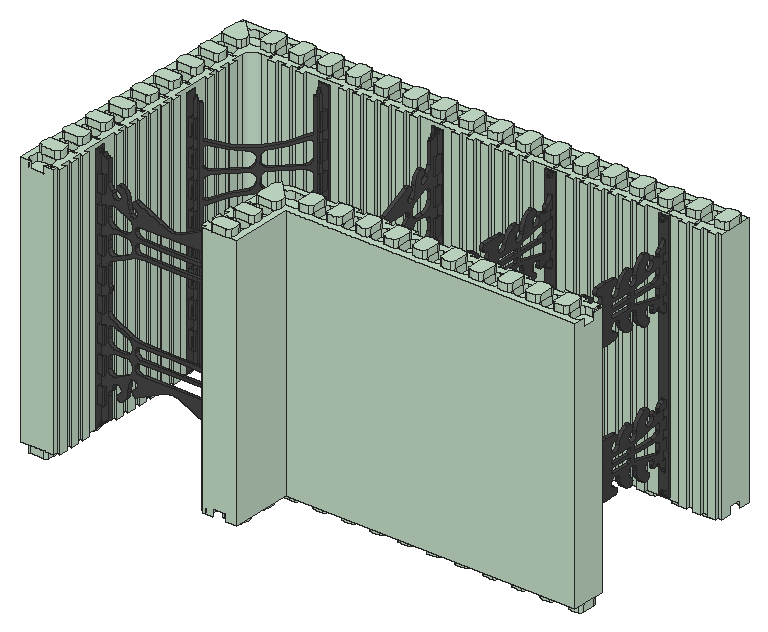
Revit family (continued)
Forms (mm)
  Extrusion 54, void
    sketch origin (304.632, 50.532, 0) x (-1, 0, 0) y (0, -1, 0)
      loop
        arc (-42.5, -94.024) -> (-43.786, -93.668) -> (-44.346, -92.457) r 1.588
        line (-44.346, -92.457) -> (-44.346, -86.829) -> (-48.685, -86.829) -> (-48.685, -95.62)
        arc (-48.685, -95.62) -> (-48.795, -96.199) -> (-49.108, -96.698) r 1.588
        arc (-49.108, -96.698) -> (-50.362, -98.696) -> (-50.8, -101.014) r 6.35
        line (-50.8, -101.014) -> (-50.8, -124.411)
        arc (-50.8, -124.411) -> (-49.585, -128.147) -> (-46.404, -130.453) r 6.35
    from 0 to 12.7
  Extrusion 55, void
    sketch origin (355.432, 50.532, 0) x (-1, 0, 0) y (0, -1, 0)
      loop
        arc (-46.404, -130.453) -> (-38.1, -131.762) -> (-29.796, -130.453) r 26.987
        arc (-29.796, -130.453) -> (-26.615, -128.147) -> (-25.4, -124.411) r 6.35
        line (-25.4, -124.411) -> (-25.4, -101.014)
        arc (-25.4, -101.014) -> (-26.615, -97.278) -> (-29.796, -94.972) r 6.35
        arc (-29.796, -94.972) -> (-36.091, -93.737) -> (-42.5, -94.024) r 26.987
        arc (-42.5, -94.024) -> (-43.786, -93.668) -> (-44.346, -92.457) r 1.588
        line (-44.346, -92.457) -> (-44.346, -86.829) -> (-48.685, -86.829) -> (-48.685, -95.62)
        arc (-48.685, -95.62) -> (-48.795, -96.199) -> (-49.108, -96.698) r 1.588
        arc (-49.108, -96.698) -> (-50.362, -98.696) -> (-50.8, -101.014) r 6.35
        line (-50.8, -101.014) -> (-50.8, -124.411)
        arc (-50.8, -124.411) -> (-49.585, -128.147) -> (-46.404, -130.453) r 6.35
    from 0 to 12.7
  Extrusion 56, void
    sketch origin (406.232, 50.532, 0) x (-1, 0, 0) y (0, -1, 0)
      loop
        arc (-46.404, -130.453) -> (-38.1, -131.762) -> (-29.796, -130.453) r 26.987
        arc (-29.796, -130.453) -> (-26.615, -128.147) -> (-25.4, -124.411) r 6.35
        line (-25.4, -124.411) -> (-25.4, -101.014)
        arc (-25.4, -101.014) -> (-26.615, -97.278) -> (-29.796, -94.972) r 6.35
        arc (-29.796, -94.972) -> (-36.091, -93.737) -> (-42.5, -94.024) r 26.987
        arc (-42.5, -94.024) -> (-43.786, -93.668) -> (-44.346, -92.457) r 1.588
        line (-44.346, -92.457) -> (-44.346, -86.829) -> (-48.685, -86.829) -> (-48.685, -95.62)
        arc (-48.685, -95.62) -> (-48.795, -96.199) -> (-49.108, -96.698) r 1.588
        arc (-49.108, -96.698) -> (-50.362, -98.696) -> (-50.8, -101.014) r 6.35
        line (-50.8, -101.014) -> (-50.8, -124.411)
        arc (-50.8, -124.411) -> (-49.585, -128.147) -> (-46.404, -130.453) r 6.35
    from 0 to 12.7
  Extrusion 57, void
    sketch origin (457.032, 50.532, 0) x (-1, 0, 0) y (0, -1, 0)
      loop
        arc (-46.404, -130.453) -> (-38.1, -131.762) -> (-29.796, -130.453) r 26.987
        arc (-29.796, -130.453) -> (-26.615, -128.147) -> (-25.4, -124.411) r 6.35
        line (-25.4, -124.411) -> (-25.4, -101.014)
        arc (-25.4, -101.014) -> (-26.615, -97.278) -> (-29.796, -94.972) r 6.35
        arc (-29.796, -94.972) -> (-36.091, -93.737) -> (-42.5, -94.024) r 26.987
        arc (-42.5, -94.024) -> (-43.786, -93.668) -> (-44.346, -92.457) r 1.588
        line (-44.346, -92.457) -> (-44.346, -86.829) -> (-48.685, -86.829) -> (-48.685, -95.62)
        arc (-48.685, -95.62) -> (-48.795, -96.199) -> (-49.108, -96.698) r 1.588
        arc (-49.108, -96.698) -> (-50.362, -98.696) -> (-50.8, -101.014) r 6.35
        line (-50.8, -101.014) -> (-50.8, -124.411)
        arc (-50.8, -124.411) -> (-49.585, -128.147) -> (-46.404, -130.453) r 6.35
    from 0 to 12.7
  Extrusion 58, void
    sketch origin (507.832, 50.532, 0) x (-1, 0, 0) y (0, -1, 0)
      loop
        arc (-46.404, -130.453) -> (-38.1, -131.762) -> (-29.796, -130.453) r 26.987
        arc (-29.796, -130.453) -> (-26.615, -128.147) -> (-25.4, -124.411) r 6.35
        line (-25.4, -124.411) -> (-25.4, -101.014)
        arc (-25.4, -101.014) -> (-26.615, -97.278) -> (-29.796, -94.972) r 6.35
        arc (-29.796, -94.972) -> (-36.091, -93.737) -> (-42.5, -94.024) r 26.987
        arc (-42.5, -94.024) -> (-43.786, -93.668) -> (-44.346, -92.457) r 1.588
        line (-44.346, -92.457) -> (-44.346, -86.829) -> (-48.685, -86.829) -> (-48.685, -95.62)
        arc (-48.685, -95.62) -> (-48.795, -96.199) -> (-49.108, -96.698) r 1.588
        arc (-49.108, -96.698) -> (-50.362, -98.696) -> (-50.8, -101.014) r 6.35
        line (-50.8, -101.014) -> (-50.8, -124.411)
        arc (-50.8, -124.411) -> (-49.585, -128.147) -> (-46.404, -130.453) r 6.35
    from 0 to 12.7
  Extrusion 59, void
    sketch origin (558.632, 50.532, 0) x (-1, 0, 0) y (0, -1, 0)
      loop
        arc (-46.404, -130.453) -> (-38.1, -131.762) -> (-29.796, -130.453) r 26.987
        arc (-29.796, -130.453) -> (-26.615, -128.147) -> (-25.4, -124.411) r 6.35
        line (-25.4, -124.411) -> (-25.4, -101.014)
        arc (-25.4, -101.014) -> (-26.615, -97.278) -> (-29.796, -94.972) r 6.35
        arc (-29.796, -94.972) -> (-36.091, -93.737) -> (-42.5, -94.024) r 26.987
        arc (-42.5, -94.024) -> (-43.786, -93.668) -> (-44.346, -92.457) r 1.588
        line (-44.346, -92.457) -> (-44.346, -86.829) -> (-48.685, -86.829) -> (-48.685, -95.62)
        arc (-48.685, -95.62) -> (-48.795, -96.199) -> (-49.108, -96.698) r 1.588
        arc (-49.108, -96.698) -> (-50.362, -98.696) -> (-50.8, -101.014) r 6.35
        line (-50.8, -101.014) -> (-50.8, -124.411)
        arc (-50.8, -124.411) -> (-49.585, -128.147) -> (-46.404, -130.453) r 6.35
    from 0 to 12.7
  Extrusion 60, void
    sketch origin (50.632, -508.268, 0) x (1, 0, 0) y (0, 1, 0)
      loop
        arc (101.014, 228.6) -> (97.278, 227.385) -> (94.972, 224.204) r 6.35
        arc (94.972, 224.204) -> (93.737, 217.909) -> (94.024, 211.5) r 26.987
        arc (94.024, 211.5) -> (93.668, 210.214) -> (92.457, 209.654) r 1.587
        line (92.457, 209.654) -> (86.829, 209.654) -> (86.829, 205.315) -> (95.62, 205.315)
        arc (95.62, 205.315) -> (96.199, 205.205) -> (96.698, 204.892) r 1.587
        arc (96.698, 204.892) -> (98.696, 203.638) -> (101.014, 203.2) r 6.35
        line (101.014, 203.2) -> (124.411, 203.2)
        arc (124.411, 203.2) -> (128.147, 204.415) -> (130.453, 207.596) r 6.35
        arc (130.453, 207.596) -> (131.763, 215.9) -> (130.453, 224.204) r 26.988
        arc (130.453, 224.204) -> (128.147, 227.385) -> (124.411, 228.6) r 6.35
        line (124.411, 228.6) -> (101.014, 228.6)
    from 0 to 12.7
  Extrusion 61, void
    sketch origin (50.632, -457.468, 0) x (1, 0, 0) y (0, 1, 0)
      loop
        arc (101.014, 228.6) -> (97.278, 227.385) -> (94.972, 224.204) r 6.35
        arc (94.972, 224.204) -> (93.737, 217.909) -> (94.024, 211.5) r 26.987
        arc (94.024, 211.5) -> (93.668, 210.214) -> (92.457, 209.654) r 1.587
        line (92.457, 209.654) -> (86.829, 209.654) -> (86.829, 205.315) -> (95.62, 205.315)
        arc (95.62, 205.315) -> (96.199, 205.205) -> (96.698, 204.892) r 1.587
        arc (96.698, 204.892) -> (98.696, 203.638) -> (101.014, 203.2) r 6.35
        line (101.014, 203.2) -> (124.411, 203.2)
        arc (124.411, 203.2) -> (128.147, 204.415) -> (130.453, 207.596) r 6.35
        arc (130.453, 207.596) -> (131.763, 215.9) -> (130.453, 224.204) r 26.988
        arc (130.453, 224.204) -> (128.147, 227.385) -> (124.411, 228.6) r 6.35
        line (124.411, 228.6) -> (101.014, 228.6)
    from 0 to 12.7
  Extrusion 62, void
    sketch origin (50.632, -51.068, 0) x (0, -1, 0) y (1, 0, 0)
      loop
        line (119.063, 93.663) -> (139.7, 93.663)
        arc (139.7, 93.663) -> (141.907, 93.753) -> (144.1, 94.024) r 26.987
        arc (144.1, 94.024) -> (145.386, 93.668) -> (145.946, 92.457) r 1.587
        line (145.946, 92.457) -> (145.946, 86.829) -> (150.285, 86.829) -> (150.285, 95.62)
        arc (150.285, 95.62) -> (150.395, 96.199) -> (150.708, 96.698) r 1.588
        arc (150.708, 96.698) -> (151.962, 98.696) -> (152.4, 101.014) r 6.35
        line (152.4, 101.014) -> (152.4, 124.411)
        arc (152.4, 124.411) -> (151.185, 128.147) -> (148.004, 130.453) r 6.35
        arc (148.004, 130.453) -> (143.903, 131.433) -> (139.7, 131.763) r 26.987
        line (139.7, 131.763) -> (131.763, 131.763) -> (101.102, 101.102)
        arc (101.102, 101.102) -> (109.342, 95.596) -> (119.063, 93.663) r 25.4
    from 0 to 12.7
  Extrusion 63, void
    sketch origin (406.232, -51.068, 0) x (-1, 0, 0) y (0, -1, 0)
      loop
        arc (177.8, 101.014) -> (179.015, 97.278) -> (182.196, 94.972) r 6.35
        arc (182.196, 94.972) -> (188.491, 93.737) -> (194.9, 94.024) r 26.988
        arc (194.9, 94.024) -> (196.186, 93.668) -> (196.746, 92.457) r 1.587
        line (196.746, 92.457) -> (196.746, 86.829) -> (201.085, 86.829) -> (201.085, 95.62)
        arc (201.085, 95.62) -> (201.195, 96.199) -> (201.508, 96.698) r 1.588
        arc (201.508, 96.698) -> (202.762, 98.696) -> (203.2, 101.014) r 6.35
        line (203.2, 101.014) -> (203.2, 124.411)
        arc (203.2, 124.411) -> (201.985, 128.147) -> (198.804, 130.453) r 6.35
        arc (198.804, 130.453) -> (190.5, 131.763) -> (182.196, 130.453) r 26.987
        arc (182.196, 130.453) -> (179.015, 128.147) -> (177.8, 124.411) r 6.35
        line (177.8, 124.411) -> (177.8, 101.014)
    from 0 to 12.7
  Extrusion 64, void
    sketch origin (457.032, -51.068, 0) x (-1, 0, 0) y (0, -1, 0)
      loop
        arc (177.8, 101.014) -> (179.015, 97.278) -> (182.196, 94.972) r 6.35
        arc (182.196, 94.972) -> (188.491, 93.737) -> (194.9, 94.024) r 26.988
        arc (194.9, 94.024) -> (196.186, 93.668) -> (196.746, 92.457) r 1.587
        line (196.746, 92.457) -> (196.746, 86.829) -> (201.085, 86.829) -> (201.085, 95.62)
        arc (201.085, 95.62) -> (201.195, 96.199) -> (201.508, 96.698) r 1.588
        arc (201.508, 96.698) -> (202.762, 98.696) -> (203.2, 101.014) r 6.35
        line (203.2, 101.014) -> (203.2, 124.411)
        arc (203.2, 124.411) -> (201.985, 128.147) -> (198.804, 130.453) r 6.35
        arc (198.804, 130.453) -> (190.5, 131.763) -> (182.196, 130.453) r 26.987
        arc (182.196, 130.453) -> (179.015, 128.147) -> (177.8, 124.411) r 6.35
        line (177.8, 124.411) -> (177.8, 101.014)
    from 0 to 12.7
  Extrusion 65, void
    sketch origin (507.832, -51.068, 0) x (-1, 0, 0) y (0, -1, 0)
      loop
        arc (177.8, 101.014) -> (179.015, 97.278) -> (182.196, 94.972) r 6.35
        arc (182.196, 94.972) -> (188.491, 93.737) -> (194.9, 94.024) r 26.988
        arc (194.9, 94.024) -> (196.186, 93.668) -> (196.746, 92.457) r 1.587
        line (196.746, 92.457) -> (196.746, 86.829) -> (201.085, 86.829) -> (201.085, 95.62)
        arc (201.085, 95.62) -> (201.195, 96.199) -> (201.508, 96.698) r 1.588
        arc (201.508, 96.698) -> (202.762, 98.696) -> (203.2, 101.014) r 6.35
        line (203.2, 101.014) -> (203.2, 124.411)
        arc (203.2, 124.411) -> (201.985, 128.147) -> (198.804, 130.453) r 6.35
        arc (198.804, 130.453) -> (190.5, 131.763) -> (182.196, 130.453) r 26.987
        arc (182.196, 130.453) -> (179.015, 128.147) -> (177.8, 124.411) r 6.35
        line (177.8, 124.411) -> (177.8, 101.014)
    from 0 to 12.7
  Extrusion 66, void
    sketch origin (558.632, -51.068, 0) x (-1, 0, 0) y (0, -1, 0)
      loop
        arc (177.8, 101.014) -> (179.015, 97.278) -> (182.196, 94.972) r 6.35
        arc (182.196, 94.972) -> (188.491, 93.737) -> (194.9, 94.024) r 26.988
        arc (194.9, 94.024) -> (196.186, 93.668) -> (196.746, 92.457) r 1.587
        line (196.746, 92.457) -> (196.746, 86.829) -> (201.085, 86.829) -> (201.085, 95.62)
        arc (201.085, 95.62) -> (201.195, 96.199) -> (201.508, 96.698) r 1.588
        arc (201.508, 96.698) -> (202.762, 98.696) -> (203.2, 101.014) r 6.35
        line (203.2, 101.014) -> (203.2, 124.411)
        arc (203.2, 124.411) -> (201.985, 128.147) -> (198.804, 130.453) r 6.35
        arc (198.804, 130.453) -> (190.5, 131.763) -> (182.196, 130.453) r 26.987
        arc (182.196, 130.453) -> (179.015, 128.147) -> (177.8, 124.411) r 6.35
        line (177.8, 124.411) -> (177.8, 101.014)
    from 0 to 12.7
  Extrusion 67, void
    sketch origin (609.432, -51.068, 0) x (-1, 0, 0) y (0, -1, 0)
      loop
        arc (177.8, 101.014) -> (179.015, 97.278) -> (182.196, 94.972) r 6.35
        arc (182.196, 94.972) -> (188.491, 93.737) -> (194.9, 94.024) r 26.988
        arc (194.9, 94.024) -> (196.186, 93.668) -> (196.746, 92.457) r 1.587
        line (196.746, 92.457) -> (196.746, 86.829) -> (201.085, 86.829) -> (201.085, 95.62)
        arc (201.085, 95.62) -> (201.195, 96.199) -> (201.508, 96.698) r 1.588
        arc (201.508, 96.698) -> (202.762, 98.696) -> (203.2, 101.014) r 6.35
        line (203.2, 101.014) -> (203.2, 124.411)
        arc (203.2, 124.411) -> (201.985, 128.147) -> (198.804, 130.453) r 6.35
        arc (198.804, 130.453) -> (190.5, 131.763) -> (182.196, 130.453) r 26.987
        arc (182.196, 130.453) -> (179.015, 128.147) -> (177.8, 124.411) r 6.35
        line (177.8, 124.411) -> (177.8, 101.014)
    from 0 to 12.7
  Extrusion 68, void
    sketch origin (660.232, -51.068, 0) x (-1, 0, 0) y (0, -1, 0)
      loop
        arc (177.8, 101.014) -> (179.015, 97.278) -> (182.196, 94.972) r 6.35
        arc (182.196, 94.972) -> (188.491, 93.737) -> (194.9, 94.024) r 26.988
        arc (194.9, 94.024) -> (196.186, 93.668) -> (196.746, 92.457) r 1.587
        line (196.746, 92.457) -> (196.746, 86.829) -> (201.085, 86.829) -> (201.085, 95.62)
        arc (201.085, 95.62) -> (201.195, 96.199) -> (201.508, 96.698) r 1.588
        arc (201.508, 96.698) -> (202.762, 98.696) -> (203.2, 101.014) r 6.35
        line (203.2, 101.014) -> (203.2, 124.411)
        arc (203.2, 124.411) -> (201.985, 128.147) -> (198.804, 130.453) r 6.35
        arc (198.804, 130.453) -> (190.5, 131.763) -> (182.196, 130.453) r 26.987
        arc (182.196, 130.453) -> (179.015, 128.147) -> (177.8, 124.411) r 6.35
        line (177.8, 124.411) -> (177.8, 101.014)
    from 0 to 12.7
  Extrusion 69, void
    sketch origin (711.032, -51.068, 0) x (-1, 0, 0) y (0, -1, 0)
      loop
        arc (177.8, 101.014) -> (179.015, 97.278) -> (182.196, 94.972) r 6.35
        arc (182.196, 94.972) -> (188.491, 93.737) -> (194.9, 94.024) r 26.988
        arc (194.9, 94.024) -> (196.186, 93.668) -> (196.746, 92.457) r 1.587
        line (196.746, 92.457) -> (196.746, 86.829) -> (201.085, 86.829) -> (201.085, 95.62)
        arc (201.085, 95.62) -> (201.195, 96.199) -> (201.508, 96.698) r 1.588
        arc (201.508, 96.698) -> (202.762, 98.696) -> (203.2, 101.014) r 6.35
        line (203.2, 101.014) -> (203.2, 124.411)
        arc (203.2, 124.411) -> (201.985, 128.147) -> (198.804, 130.453) r 6.35
        arc (198.804, 130.453) -> (190.5, 131.763) -> (182.196, 130.453) r 26.987
        arc (182.196, 130.453) -> (179.015, 128.147) -> (177.8, 124.411) r 6.35
        line (177.8, 124.411) -> (177.8, 101.014)
    from 0 to 12.7
  Extrusion 70, void
    sketch origin (761.832, -51.068, 0) x (-1, 0, 0) y (0, -1, 0)
      loop
        arc (177.8, 101.014) -> (179.015, 97.278) -> (182.196, 94.972) r 6.35
        arc (182.196, 94.972) -> (188.491, 93.737) -> (194.9, 94.024) r 26.988
        arc (194.9, 94.024) -> (196.186, 93.668) -> (196.746, 92.457) r 1.587
        line (196.746, 92.457) -> (196.746, 86.829) -> (201.085, 86.829) -> (201.085, 95.62)
        arc (201.085, 95.62) -> (201.195, 96.199) -> (201.508, 96.698) r 1.588
        arc (201.508, 96.698) -> (202.762, 98.696) -> (203.2, 101.014) r 6.35
        line (203.2, 101.014) -> (203.2, 124.411)
        arc (203.2, 124.411) -> (201.985, 128.147) -> (198.804, 130.453) r 6.35
        arc (198.804, 130.453) -> (190.5, 131.763) -> (182.196, 130.453) r 26.987
        arc (182.196, 130.453) -> (179.015, 128.147) -> (177.8, 124.411) r 6.35
        line (177.8, 124.411) -> (177.8, 101.014)
    from 0 to 12.7
  Extrusion 71, void
    sketch origin (812.632, -51.068, 0) x (-1, 0, 0) y (0, -1, 0)
      loop
        arc (177.8, 101.014) -> (179.015, 97.278) -> (182.196, 94.972) r 6.35
        arc (182.196, 94.972) -> (188.491, 93.737) -> (194.9, 94.024) r 26.988
        arc (194.9, 94.024) -> (196.186, 93.668) -> (196.746, 92.457) r 1.587
        line (196.746, 92.457) -> (196.746, 86.829) -> (201.085, 86.829) -> (201.085, 95.62)
        arc (201.085, 95.62) -> (201.195, 96.199) -> (201.508, 96.698) r 1.588
        arc (201.508, 96.698) -> (202.762, 98.696) -> (203.2, 101.014) r 6.35
        line (203.2, 101.014) -> (203.2, 124.411)
        arc (203.2, 124.411) -> (201.985, 128.147) -> (198.804, 130.453) r 6.35
        arc (198.804, 130.453) -> (190.5, 131.763) -> (182.196, 130.453) r 26.987
        arc (182.196, 130.453) -> (179.015, 128.147) -> (177.8, 124.411) r 6.35
        line (177.8, 124.411) -> (177.8, 101.014)
    from 0 to 12.7
  Extrusion 72, void
    sketch origin (863.432, -51.068, 0) x (-1, 0, 0) y (0, -1, 0)
      loop
        arc (177.8, 101.014) -> (179.015, 97.278) -> (182.196, 94.972) r 6.35
        arc (182.196, 94.972) -> (188.491, 93.737) -> (194.9, 94.024) r 26.988
        arc (194.9, 94.024) -> (196.186, 93.668) -> (196.746, 92.457) r 1.587
        line (196.746, 92.457) -> (196.746, 86.829) -> (201.085, 86.829) -> (201.085, 95.62)
        arc (201.085, 95.62) -> (201.195, 96.199) -> (201.508, 96.698) r 1.588
        arc (201.508, 96.698) -> (202.762, 98.696) -> (203.2, 101.014) r 6.35
        line (203.2, 101.014) -> (203.2, 124.411)
        arc (203.2, 124.411) -> (201.985, 128.147) -> (198.804, 130.453) r 6.35
        arc (198.804, 130.453) -> (190.5, 131.763) -> (182.196, 130.453) r 26.987
        arc (182.196, 130.453) -> (179.015, 128.147) -> (177.8, 124.411) r 6.35
        line (177.8, 124.411) -> (177.8, 101.014)
    from 0 to 12.7
  Extrusion 73, void
    sketch origin (-50.968, 50.532, 0) x (1, 0, 0) y (0, 1, 0)
      loop
        line (-93.662, 93.662) -> (-124.323, 124.323)
        arc (-124.323, 124.323) -> (-129.829, 116.083) -> (-131.762, 106.362) r 25.4
        line (-131.762, 106.362) -> (-131.762, 88.9)
        arc (-131.762, 88.9) -> (-131.433, 84.697) -> (-130.453, 80.596) r 26.988
        arc (-130.453, 80.596) -> (-128.147, 77.415) -> (-124.411, 76.2) r 6.35
        line (-124.411, 76.2) -> (-101.014, 76.2)
        arc (-101.014, 76.2) -> (-97.278, 77.415) -> (-94.972, 80.596) r 6.35
        arc (-94.972, 80.596) -> (-93.992, 84.697) -> (-93.662, 88.9) r 26.987
        line (-93.662, 88.9) -> (-93.662, 93.662)
    from 0 to 12.7
  Extrusion 74, solid, material "NUDURA Expanded Polystyrene Foam Insulation"
    sketch origin (50.632, -51.068, 0) x (1, 0, 0) y (0, 1, 0)
      loop
        line (131.763, -131.763) -> (139.7, -131.763)
        arc (139.7, -131.763) -> (143.903, -131.433) -> (148.004, -130.453) r 26.987
        arc (148.004, -130.453) -> (151.185, -128.147) -> (152.4, -124.411) r 6.35
        line (152.4, -124.411) -> (152.4, -101.014)
        arc (152.4, -101.014) -> (151.962, -98.696) -> (150.708, -96.698) r 6.35
        arc (150.708, -96.698) -> (149.467, -95.661) -> (148.004, -94.972) r 6.35
        arc (148.004, -94.972) -> (146.07, -94.425) -> (144.1, -94.024) r 26.987
        arc (144.1, -94.024) -> (141.907, -93.753) -> (139.7, -93.663) r 26.987
        line (139.7, -93.663) -> (119.063, -93.663)
        arc (119.063, -93.663) -> (109.342, -95.596) -> (101.102, -101.102) r 25.4
        line (101.102, -101.102) -> (131.763, -131.763)
    from 0 to -12.7
  Extrusion 75, solid, material "NUDURA Expanded Polystyrene Foam Insulation"
    sketch origin (-50.968, 50.532, 0) x (1, 0, 0) y (0, 1, 0)
      loop
        arc (-106.362, 131.762) -> (-116.083, 129.829) -> (-124.323, 124.323) r 25.4
        line (-124.323, 124.323) -> (-93.662, 93.662) -> (-88.9, 93.662)
        arc (-88.9, 93.662) -> (-84.697, 93.992) -> (-80.596, 94.972) r 26.988
        arc (-80.596, 94.972) -> (-77.415, 97.278) -> (-76.2, 101.014) r 6.35
        line (-76.2, 101.014) -> (-76.2, 124.411)
        arc (-76.2, 124.411) -> (-77.415, 128.147) -> (-80.596, 130.453) r 6.35
        arc (-80.596, 130.453) -> (-84.697, 131.433) -> (-88.9, 131.762) r 26.988
        line (-88.9, 131.762) -> (-106.362, 131.762)
    from 0 to -12.7
  Extrusion 76, void
    sketch origin (-50.968, -0.268, 0) x (1, 0, 0) y (0, 1, 0)
      loop
        arc (-130.453, -249.604) -> (-128.147, -252.785) -> (-124.411, -254) r 6.35
        line (-124.411, -254) -> (-101.014, -254)
        arc (-101.014, -254) -> (-98.696, -253.562) -> (-96.698, -252.308) r 6.35
        arc (-96.698, -252.308) -> (-96.199, -251.995) -> (-95.62, -251.885) r 1.588
        line (-95.62, -251.885) -> (-86.829, -251.885) -> (-86.829, -247.546) -> (-92.457, -247.546)
        arc (-92.457, -247.546) -> (-93.668, -246.986) -> (-94.024, -245.7) r 1.588
        arc (-94.024, -245.7) -> (-93.737, -239.291) -> (-94.972, -232.996) r 26.987
        arc (-94.972, -232.996) -> (-97.278, -229.815) -> (-101.014, -228.6) r 6.35
        line (-101.014, -228.6) -> (-124.411, -228.6)
        arc (-124.411, -228.6) -> (-128.147, -229.815) -> (-130.453, -232.996) r 6.35
        arc (-130.453, -232.996) -> (-131.762, -241.3) -> (-130.453, -249.604) r 26.987
    from 457.2 to 444.5
  Extrusion 77, void
    sketch origin (660.232, 50.532, 0) x (1, 0, 0) y (0, 1, 0)
      loop
        arc (-46.404, 130.453) -> (-49.585, 128.147) -> (-50.8, 124.411) r 6.35
        line (-50.8, 124.411) -> (-50.8, 101.014)
        arc (-50.8, 101.014) -> (-50.362, 98.696) -> (-49.108, 96.698) r 6.35
        arc (-49.108, 96.698) -> (-48.795, 96.199) -> (-48.685, 95.62) r 1.588
        line (-48.685, 95.62) -> (-48.685, 86.829) -> (-44.346, 86.829) -> (-44.346, 92.457)
        arc (-44.346, 92.457) -> (-43.786, 93.668) -> (-42.5, 94.024) r 1.588
        arc (-42.5, 94.024) -> (-36.091, 93.737) -> (-29.796, 94.972) r 26.987
        arc (-29.796, 94.972) -> (-26.615, 97.278) -> (-25.4, 101.014) r 6.35
        line (-25.4, 101.014) -> (-25.4, 124.411)
        arc (-25.4, 124.411) -> (-26.615, 128.147) -> (-29.796, 130.453) r 6.35
        arc (-29.796, 130.453) -> (-38.1, 131.762) -> (-46.404, 130.453) r 26.987
    from 457.2 to 444.5
  Extrusion 78, void
    sketch origin (609.432, 50.532, 0) x (-1, 0, 0) y (0, -1, 0)
      loop
        arc (-46.404, -130.453) -> (-38.1, -131.762) -> (-29.796, -130.453) r 26.987
        arc (-29.796, -130.453) -> (-26.615, -128.147) -> (-25.4, -124.411) r 6.35
        line (-25.4, -124.411) -> (-25.4, -101.014)
        arc (-25.4, -101.014) -> (-26.615, -97.278) -> (-29.796, -94.972) r 6.35
        arc (-29.796, -94.972) -> (-36.091, -93.737) -> (-42.5, -94.024) r 26.987
        arc (-42.5, -94.024) -> (-43.786, -93.668) -> (-44.346, -92.457) r 1.588
        line (-44.346, -92.457) -> (-44.346, -86.829) -> (-48.685, -86.829) -> (-48.685, -95.62)
        arc (-48.685, -95.62) -> (-48.795, -96.199) -> (-49.108, -96.698) r 1.588
        arc (-49.108, -96.698) -> (-50.362, -98.696) -> (-50.8, -101.014) r 6.35
        line (-50.8, -101.014) -> (-50.8, -124.411)
        arc (-50.8, -124.411) -> (-49.585, -128.147) -> (-46.404, -130.453) r 6.35
    from 0 to 12.7
  Extrusion 79, void
    sketch origin (-50.968, 86.293, 0) x (1, 0, 0) y (0, 1, 0)
      loop
        arc (-130.453, -294.157) -> (-131.762, -302.461) -> (-130.453, -310.765) r 26.987
        arc (-130.453, -310.765) -> (-128.147, -313.946) -> (-124.411, -315.161) r 6.35
        line (-124.411, -315.161) -> (-101.014, -315.161)
        arc (-101.014, -315.161) -> (-97.278, -313.946) -> (-94.972, -310.765) r 6.35
        arc (-94.972, -310.765) -> (-93.737, -304.47) -> (-94.024, -298.061) r 26.987
        arc (-94.024, -298.061) -> (-93.668, -296.775) -> (-92.457, -296.215) r 1.588
        line (-92.457, -296.215) -> (-86.829, -296.215) -> (-86.829, -291.875) -> (-95.62, -291.875)
        arc (-95.62, -291.875) -> (-96.199, -291.766) -> (-96.698, -291.453) r 1.588
        arc (-96.698, -291.453) -> (-98.696, -290.199) -> (-101.014, -289.761) r 6.35
        line (-101.014, -289.761) -> (-124.411, -289.761)
        arc (-124.411, -289.761) -> (-128.147, -290.976) -> (-130.453, -294.157) r 6.35
    from 0 to 12.7
  Extrusion 80, void
    sketch origin (-50.968, -51.068, 0) x (1, 0, 0) y (0, 1, 0)
      loop
        arc (-130.453, -249.604) -> (-128.147, -252.785) -> (-124.411, -254) r 6.35
        line (-124.411, -254) -> (-101.014, -254)
        arc (-101.014, -254) -> (-98.696, -253.562) -> (-96.698, -252.308) r 6.35
        arc (-96.698, -252.308) -> (-96.199, -251.995) -> (-95.62, -251.885) r 1.588
        line (-95.62, -251.885) -> (-86.829, -251.885) -> (-86.829, -247.546) -> (-92.457, -247.546)
        arc (-92.457, -247.546) -> (-93.668, -246.986) -> (-94.024, -245.7) r 1.588
        arc (-94.024, -245.7) -> (-93.737, -239.291) -> (-94.972, -232.996) r 26.987
        arc (-94.972, -232.996) -> (-97.278, -229.815) -> (-101.014, -228.6) r 6.35
        line (-101.014, -228.6) -> (-124.411, -228.6)
        arc (-124.411, -228.6) -> (-128.147, -229.815) -> (-130.453, -232.996) r 6.35
        arc (-130.453, -232.996) -> (-131.762, -241.3) -> (-130.453, -249.604) r 26.987
    from 457.2 to 444.5
  Extrusion 81, void
    sketch origin (-50.968, 35.493, 0) x (1, 0, 0) y (0, 1, 0)
      loop
        arc (-130.453, -294.157) -> (-131.762, -302.461) -> (-130.453, -310.765) r 26.987
        arc (-130.453, -310.765) -> (-128.147, -313.946) -> (-124.411, -315.161) r 6.35
        line (-124.411, -315.161) -> (-101.014, -315.161)
        arc (-101.014, -315.161) -> (-97.278, -313.946) -> (-94.972, -310.765) r 6.35
        arc (-94.972, -310.765) -> (-93.737, -304.47) -> (-94.024, -298.061) r 26.987
        arc (-94.024, -298.061) -> (-93.668, -296.775) -> (-92.457, -296.215) r 1.588
        line (-92.457, -296.215) -> (-86.829, -296.215) -> (-86.829, -291.875) -> (-95.62, -291.875)
        arc (-95.62, -291.875) -> (-96.199, -291.766) -> (-96.698, -291.453) r 1.588
        arc (-96.698, -291.453) -> (-98.696, -290.199) -> (-101.014, -289.761) r 6.35
        line (-101.014, -289.761) -> (-124.411, -289.761)
        arc (-124.411, -289.761) -> (-128.147, -290.976) -> (-130.453, -294.157) r 6.35
    from 0 to 12.7
  Extrusion 82, void
    sketch origin (711.032, 50.532, 0) x (1, 0, 0) y (0, 1, 0)
      loop
        arc (-46.404, 130.453) -> (-49.585, 128.147) -> (-50.8, 124.411) r 6.35
        line (-50.8, 124.411) -> (-50.8, 101.014)
        arc (-50.8, 101.014) -> (-50.362, 98.696) -> (-49.108, 96.698) r 6.35
        arc (-49.108, 96.698) -> (-48.795, 96.199) -> (-48.685, 95.62) r 1.588
        line (-48.685, 95.62) -> (-48.685, 86.829) -> (-44.346, 86.829) -> (-44.346, 92.457)
        arc (-44.346, 92.457) -> (-43.786, 93.668) -> (-42.5, 94.024) r 1.588
        arc (-42.5, 94.024) -> (-36.091, 93.737) -> (-29.796, 94.972) r 26.987
        arc (-29.796, 94.972) -> (-26.615, 97.278) -> (-25.4, 101.014) r 6.35
        line (-25.4, 101.014) -> (-25.4, 124.411)
        arc (-25.4, 124.411) -> (-26.615, 128.147) -> (-29.796, 130.453) r 6.35
        arc (-29.796, 130.453) -> (-38.1, 131.762) -> (-46.404, 130.453) r 26.987
    from 457.2 to 444.5
  Extrusion 83, void
    sketch origin (660.232, 50.532, 0) x (-1, 0, 0) y (0, -1, 0)
      loop
        arc (-46.404, -130.453) -> (-38.1, -131.762) -> (-29.796, -130.453) r 26.987
        arc (-29.796, -130.453) -> (-26.615, -128.147) -> (-25.4, -124.411) r 6.35
        line (-25.4, -124.411) -> (-25.4, -101.014)
        arc (-25.4, -101.014) -> (-26.615, -97.278) -> (-29.796, -94.972) r 6.35
        arc (-29.796, -94.972) -> (-36.091, -93.737) -> (-42.5, -94.024) r 26.987
        arc (-42.5, -94.024) -> (-43.786, -93.668) -> (-44.346, -92.457) r 1.588
        line (-44.346, -92.457) -> (-44.346, -86.829) -> (-48.685, -86.829) -> (-48.685, -95.62)
        arc (-48.685, -95.62) -> (-48.795, -96.199) -> (-49.108, -96.698) r 1.588
        arc (-49.108, -96.698) -> (-50.362, -98.696) -> (-50.8, -101.014) r 6.35
        line (-50.8, -101.014) -> (-50.8, -124.411)
        arc (-50.8, -124.411) -> (-49.585, -128.147) -> (-46.404, -130.453) r 6.35
    from 0 to 12.7
Cuts and joins
  Extrusion 4, Extrusion 5, Extrusion 6, Extrusion 7, Extrusion 8, Extrusion 9, Extrusion 10, Extrusion 11, Extrusion 12, Extrusion 13, Extrusion 14, Extrusion 15, Extrusion 16, Extrusion 17, Extrusion 18, Extrusion 19, Extrusion 20, Extrusion 21, Extrusion 22, Extrusion 23, Extrusion 24, Extrusion 25, Extrusion 26, Extrusion 27, Extrusion 28, Extrusion 29, Extrusion 30, Extrusion 31, Extrusion 32, Extrusion 33, Extrusion 34, Extrusion 35, Extrusion 36, Extrusion 37, Extrusion 38, Extrusion 39, Extrusion 40, Extrusion 41, Extrusion 42, Extrusion 43, Extrusion 44, Extrusion 45, Extrusion 46, Extrusion 47, Extrusion 48, Extrusion 49, Extrusion 50, Extrusion 51, Extrusion 52, Extrusion 53, Extrusion 54, Extrusion 55, Extrusion 56, Extrusion 57, Extrusion 58, Extrusion 59, Extrusion 60, Extrusion 61, Extrusion 62, Extrusion 63, Extrusion 64, Extrusion 65, Extrusion 66, Extrusion 67, Extrusion 68, Extrusion 69, Extrusion 70, Extrusion 71, Extrusion 72, Extrusion 73, Extrusion 76, Extrusion 77, Extrusion 78, Extrusion 79, Extrusion 80, Extrusion 81, Extrusion 82, Extrusion 83 cuts Extrusion 1
Lines and regions (mm)
  model lines
    curve 1: line (507.897, 193.407, 457.2) -> (507.897, 193.407, 0)
    curve 2: line (101.432, 193.407, 457.2) -> (101.432, 193.407, 0)
    curve 3: line (-193.843, 101.332, 457.2) -> (-193.843, 101.332, 0)
    curve 4: line (-152.568, 193.407, 0) -> (-152.568, 193.407, 457.2)
    curve 5: line (-193.843, 152.132, 457.2) -> (-193.843, 152.132, 0)
Dimensions and locks
  aligned and locked: level to plane 2
  aligned and locked: nested 81 to nested 75
Nested families
  nested 1: "Interlock Tooth" at (-50.968, -152.668, 0) x (0, -1, 0) z (0, 0, 1), type "Interlock Tooth"
  nested 2: "Interlock Tooth" at (-50.968, -101.868, 0) x (0, -1, 0) z (0, 0, 1), type "Interlock Tooth"
  nested 3: "Interlock Tooth" at (-50.968, -51.068, 0) x (0, -1, 0) z (0, 0, 1), type "Interlock Tooth"
  nested 4: "Interlock Tooth" at (-50.968, -0.268, 0) x (0, -1, 0) z (0, 0, 1), type "Interlock Tooth"
  nested 5: "Interlock Tooth" at (-50.968, 50.532, 0) x (0, -1, 0) z (0, 0, 1), type "Interlock Tooth"
  nested 6: "Interlock Tooth" at (-50.968, 101.332, 0) x (0, -1, 0) z (0, 0, 1), type "Interlock Tooth"
  nested 7: "Interlock Tooth" at (50.632, -279.668, 0) x (0, -1, 0) z (0, 0, 1), type "Interlock Tooth"
  nested 8: "Interlock Tooth" at (50.632, -228.868, 0) x (0, -1, 0) z (0, 0, 1), type "Interlock Tooth"
  nested 9: "Interlock Tooth" at (50.632, -254.268, -469.9) x (0, -1, 0) z (0, 0, 1), type "Interlock Tooth"
  nested 10: "Interlock Tooth" at (50.632, -203.468, -469.9) x (0, -1, 0) z (0, 0, 1), type "Interlock Tooth"
  nested 11: "Interlock Tooth" at (-276.393, -178.068, -469.9) x (0, -1, 0) z (0, 0, 1), type "Interlock Tooth"
  nested 12: "Interlock Tooth" at (-276.393, -127.268, -469.9) x (0, -1, 0) z (0, 0, 1), type "Interlock Tooth"
  nested 13: "Interlock Tooth" at (-276.393, -76.468, -469.9) x (0, -1, 0) z (0, 0, 1), type "Interlock Tooth"
  nested 14: "Interlock Tooth" at (-276.393, -25.668, -469.9) x (0, -1, 0) z (0, 0, 1), type "Interlock Tooth"
  nested 15: "Interlock Tooth" at (-276.393, 25.132, -469.9) x (0, -1, 0) z (0, 0, 1), type "Interlock Tooth"
  nested 16: "Interlock Tooth" at (-276.393, 75.932, -469.9) x (0, -1, 0) z (0, 0, 1), type "Interlock Tooth"
  nested 17: "Interlock Tooth" at (-276.393, 126.732, -469.9) x (0, -1, 0) z (0, 0, 1), type "Interlock Tooth"
  nested 18: "Interlock Tooth" at (203.032, -51.068, 0), type "Interlock Tooth"
  nested 19: "Interlock Tooth" at (253.832, -51.068, 0), type "Interlock Tooth"
  nested 20: "Interlock Tooth" at (304.632, -51.068, 0), type "Interlock Tooth"
  nested 21: "Interlock Tooth" at (355.432, -51.068, 0), type "Interlock Tooth"
  nested 22: "Interlock Tooth" at (406.232, -51.068, 0), type "Interlock Tooth"
  nested 23: "Interlock Tooth" at (457.032, -51.068, 0), type "Interlock Tooth"
  nested 24: "Interlock Tooth" at (507.832, -51.068, 0), type "Interlock Tooth"
  nested 25: "Interlock Tooth" at (558.632, -51.068, 0), type "Interlock Tooth"
  nested 26: "Interlock Tooth" at (609.432, -51.068, 0), type "Interlock Tooth"
  nested 27: "Interlock Tooth" at (660.232, -51.068, 0), type "Interlock Tooth"
  nested 28: "Interlock Tooth" at (-127.168, 50.532, 0), type "Interlock Tooth"
  nested 29: "Interlock Tooth" at (-76.368, 50.532, 0), type "Interlock Tooth"
  nested 30: "Interlock Tooth" at (-25.568, 50.532, 0), type "Interlock Tooth"
  nested 31: "Interlock Tooth" at (25.232, 50.532, 0), type "Interlock Tooth"
  nested 32: "Interlock Tooth" at (76.032, 50.532, 0), type "Interlock Tooth"
  nested 33: "Interlock Tooth" at (126.832, 50.532, 0), type "Interlock Tooth"
  nested 34: "Interlock Tooth" at (177.632, 50.532, 0), type "Interlock Tooth"
  nested 35: "Interlock Tooth" at (228.432, 50.532, 0), type "Interlock Tooth"
  nested 36: "Interlock Tooth" at (279.232, 50.532, 0), type "Interlock Tooth"
  nested 37: "Interlock Tooth" at (330.032, 50.532, 0), type "Interlock Tooth"
  nested 38: "Interlock Tooth" at (380.832, 50.532, 0), type "Interlock Tooth"
  nested 39: "Interlock Tooth" at (431.632, 50.532, 0), type "Interlock Tooth"
  nested 40: "Interlock Tooth" at (482.432, 50.532, 0), type "Interlock Tooth"
  nested 41: "Interlock Tooth" at (533.232, 50.532, 0), type "Interlock Tooth"
  nested 42: "Interlock Tooth" at (584.032, 50.532, 0), type "Interlock Tooth"
  nested 43: "Interlock Tooth" at (228.432, -276.493, -469.9), type "Interlock Tooth"
  nested 44: "Interlock Tooth" at (279.232, -276.493, -469.9), type "Interlock Tooth"
  nested 45: "Interlock Tooth" at (330.032, -276.493, -469.9), type "Interlock Tooth"
  nested 46: "Interlock Tooth" at (380.832, -276.493, -469.9), type "Interlock Tooth"
  nested 47: "Interlock Tooth" at (431.632, -276.493, -469.9), type "Interlock Tooth"
  nested 48: "Interlock Tooth" at (482.432, -276.493, -469.9), type "Interlock Tooth"
  nested 49: "Interlock Tooth" at (533.232, -276.493, -469.9), type "Interlock Tooth"
  nested 50: "Interlock Tooth" at (584.032, -276.493, -469.9), type "Interlock Tooth"
  nested 51: "Interlock Tooth" at (634.832, -276.493, -469.9), type "Interlock Tooth"
  nested 52: "Interlock Tooth" at (685.632, -276.493, -469.9), type "Interlock Tooth"
  nested 53: "Interlock Tooth" at (-101.768, 50.532, -469.9), type "Interlock Tooth"
  nested 54: "Interlock Tooth" at (-50.968, 50.532, -469.9), type "Interlock Tooth"
  nested 55: "Interlock Tooth" at (-0.168, 50.532, -469.9), type "Interlock Tooth"
  nested 56: "Interlock Tooth" at (50.632, 50.532, -469.9), type "Interlock Tooth"
  nested 57: "Interlock Tooth" at (101.432, 50.532, -469.9), type "Interlock Tooth"
  nested 58: "Interlock Tooth" at (152.232, 50.532, -469.9), type "Interlock Tooth"
  nested 59: "Interlock Tooth" at (203.032, 50.532, -469.9), type "Interlock Tooth"
  nested 60: "Interlock Tooth" at (253.832, 50.532, -469.9), type "Interlock Tooth"
  nested 61: "Interlock Tooth" at (304.632, 50.532, -469.9), type "Interlock Tooth"
  nested 62: "Interlock Tooth" at (355.432, 50.532, -469.9), type "Interlock Tooth"
  nested 63: "Interlock Tooth" at (406.232, 50.532, -469.9), type "Interlock Tooth"
  nested 64: "Interlock Tooth" at (457.032, 50.532, -469.9), type "Interlock Tooth"
  nested 65: "Interlock Tooth" at (507.832, 50.532, -469.9), type "Interlock Tooth"
  nested 66: "Interlock Tooth" at (558.632, 50.532, -469.9), type "Interlock Tooth"
  nested 67: "NUDURA Diamond Pattern" at (507.832, -51.068, 0), type "NUDURA Diamond Pattern"
  nested 68: "NUDURA Diamond Pattern" at (507.832, 336.282, 0), type "NUDURA Diamond Pattern"
  nested 69: "NUDURA Diamond Pattern" at (101.432, 336.282, 0), type "NUDURA Diamond Pattern"
  nested 70: "Capture Lug" at (-0.168, 50.532, 0) x (-1, 0, 0) z (0, 0, 1), type "Capture Lugs"
  nested 71: "Capture Lug" at (-50.968, -0.268, 0) x (0, -1, 0) z (0, 0, 1), type "Capture Lugs"
  nested 72: "NUDURA Diamond Pattern Missing Two lines" at (50.632, -305.068, 0) x (0, 1, 0) z (0, 0, 1), type "NUDURA Diamond Pattern minus Two lines"
  nested 73: "NUDURA Diamond Pattern Missing Left Line" at (101.432, -51.068, 0), type "NUDURA Diamond Pattern missing left line"
  nested 74: "NUDURA Logo Diamond" at (101.497, -193.943, 0), type "NUDURA Logo Diamond"
  nested 75: "NUDURA Logo Diamond" at (-193.843, 101.267, 0) x (0, -1, 0) z (0, 0, 1), type "NUDURA Logo Diamond"
  nested 76: "NUDURA Logo Diamond" at (711.032, 193.407, 0) x (-1, 0, 0) z (0, 0, 1), type "NUDURA Logo Diamond"
  nested 77: "Interlock Tooth" at (-50.968, -203.468, 0) x (0, -1, 0) z (0, 0, 1), type "Interlock Tooth"
  nested 78: "Interlock Tooth" at (634.832, 50.532, 0), type "Interlock Tooth"
  nested 79: "Interlock Tooth" at (609.432, 50.532, -469.9), type "Interlock Tooth"
  nested 80: "Interlock Tooth" at (-276.393, -228.868, -469.9) x (0, -1, 0) z (0, 0, 1), type "Interlock Tooth"
  nested 81: "NUDURA Diamond Pattern" at (-50.968, 101.332, 0) x (0, -1, 0) z (0, 0, 1), type "NUDURA Diamond Pattern"
  nested 82: "NUDURA Logo Diamond" at (304.567, 193.407, 0) x (-1, 0, 0) z (0, 0, 1), type "NUDURA Logo Diamond"
  nested 83: "Interlock Tooth" at (-50.968, -254.268, 0) x (0, -1, 0) z (0, 0, 1), type "Interlock Tooth"
  nested 84: "Interlock Tooth" at (-276.393, -279.668, -469.9) x (0, -1, 0) z (0, 0, 1), type "Interlock Tooth"
  nested 85: "Interlock Tooth" at (685.632, 50.532, 0), type "Interlock Tooth"
  nested 86: "Interlock Tooth" at (660.232, 50.532, -469.9), type "Interlock Tooth"
  nested 87: "10-inch Insert Web" at (-0.168, -203.468, 0) x (0, 1, 0) z (0, 0, 1), type "10-inch Insert Web"
  nested 88: "10-inch Insert Web" at (203.032, -0.268, 0) x (-1, 0, 0) z (0, 0, 1), type "10-inch Insert Web"
  nested 89: "10-inch Web" at (609.432, -0.268, 0), type "10-inch Web"
  nested 90: "10-inch Web" at (406.232, -0.268, 0), type "10-inch Web"
  nested 91: "NUDURA 10-inch Corner Insert Web" at (-57.617, 56.875, 11.778) x (-0.7071, 0.7071, 0) z (0, 0, 1), type "NUDURA 10-inch Corner Insert Web"
Definition of nested family "Interlock Tooth"
  Reference planes
    plane 1 "Center (Front/Back)": y = 0
    plane 2: z = 0
    plane 3 "Center (Left/Right)": x = 0
    plane 4: z = 457.2
    plane 5: z = 469.9
    plane 6: z = -12.7
  Forms (mm)
    Extrusion 1, solid, material "NUDURA Expanded Polystyrene Foam Insulation"
      sketch origin (0, -225.425, 0) x (1, 0, 0) y (0, 1, 0)
        loop
          arc (0, 101.014) -> (1.215, 97.278) -> (4.396, 94.972) r 6.35
          arc (4.396, 94.972) -> (12.7, 93.663) -> (21.004, 94.972) r 26.988
          arc (21.004, 94.972) -> (24.185, 97.278) -> (25.4, 101.014) r 6.35
          line (25.4, 101.014) -> (25.4, 124.411)
          arc (25.4, 124.411) -> (24.185, 128.147) -> (21.004, 130.453) r 6.35
          arc (21.004, 130.453) -> (12.7, 131.763) -> (4.396, 130.453) r 26.987
          arc (4.396, 130.453) -> (1.215, 128.147) -> (0, 124.411) r 6.35
          line (0, 124.411) -> (0, 101.014)
      from 457.2 to 469.9
  Dimensions and locks
    locked: plane 4 to level at 457.2
    locked: plane 4 to plane 5 at 12.7
    locked: plane 6 to level at 12.7
Definition of nested family "Capture Lug"
  Reference planes
    plane 1 "Center (Front/Back)": y = 0
    plane 2: z = 0
    plane 3 "Center (Left/Right)": x = 0
  Forms (mm)
    Extrusion 1, solid, material "High Density Polystyrene"
      sketch origin (0, 0, 0) x (0, 1, 0) y (0, 0, 1)
        loop
          arc (-82.55, 0) -> (-81.817, 0.502) -> (-81.534, 1.344) r 1.397
          line (-81.534, 1.344) -> (-81.534, 449.4)
          arc (-81.534, 449.4) -> (-81.817, 450.243) -> (-82.55, 450.744) r 1.397
          line (-82.55, 450.744) -> (-82.55, 0)
      from 9.227 to -9.227
    Extrusion 2, solid, material "High Density Polystyrene"
      sketch origin (0, 0, 0) x (0, 1, 0) y (0, 0, 1)
        loop
          line (-81.534, 410.919) -> (-81.534, 380.439) -> (-68.834, 380.439) -> (-68.834, 410.919) -> (-81.534, 410.919)
        loop
          line (-81.534, 361.389) -> (-81.534, 330.909) -> (-68.834, 330.909) -> (-68.834, 361.389) -> (-81.534, 361.389)
        loop
          line (-81.534, 311.859) -> (-81.534, 281.379) -> (-68.834, 281.379) -> (-68.834, 311.859) -> (-81.534, 311.859)
        loop
          line (-81.534, 262.329) -> (-81.534, 234.897) -> (-68.834, 234.897) -> (-68.834, 262.329) -> (-81.534, 262.329)
        loop
          line (-81.534, 215.847) -> (-81.534, 188.415) -> (-68.834, 188.415) -> (-68.834, 215.847) -> (-81.534, 215.847)
        loop
          line (-81.534, 169.365) -> (-81.534, 138.885) -> (-68.834, 138.885) -> (-68.834, 169.365) -> (-81.534, 169.365)
        loop
          line (-81.534, 119.835) -> (-81.534, 89.355) -> (-68.834, 89.355) -> (-68.834, 119.835) -> (-81.534, 119.835)
        loop
          line (-81.534, 70.305) -> (-81.534, 39.825) -> (-68.834, 39.825) -> (-68.834, 70.305) -> (-81.534, 70.305)
      from 6.35 to -6.35
    Extrusion 3, void
      sketch origin (0, 0, 0) x (1, 0, 0) y (0, 1, 0)
        loop
          arc (-6.35, -70.929) -> (-5.736, -69.448) -> (-4.255, -68.834) r 2.095
          line (-4.255, -68.834) -> (-6.35, -68.834) -> (-6.35, -70.929)
      from 0 to 457.2
    Extrusion 4, void
      sketch origin (0, 0, 0) x (-1, 0, 0) y (0, -1, 0)
        loop
          line (-6.35, 70.929) -> (-6.35, 68.834) -> (-4.255, 68.834)
          arc (-4.255, 68.834) -> (-5.736, 69.448) -> (-6.35, 70.929) r 2.095
      from 0 to 457.2
    Extrusion 5, void
      sketch origin (0, 0, 0) x (1, 0, 0) y (0, 1, 0)
        loop
          arc (-1.191, -72.009) -> (0, -78.127) -> (1.191, -72.009) r 3.175
          line (1.191, -72.009) -> (1.191, -68.834) -> (-1.191, -68.834) -> (-1.191, -72.009)
      from 0 to 457.2
  Cuts and joins
    Extrusion 3, Extrusion 4 cuts Extrusion 1
    Extrusion 3, Extrusion 4, Extrusion 5 cuts Extrusion 2
Definition of nested family "10-inch Insert Web"
  Reference planes
    plane 1 "Center (Front/Back)": y = 0
    plane 2: z = 0
    plane 3 "Center (Left/Right)": x = 0
  Forms (mm)
    Extrusion 1, solid, material "High Density Polystyrene"
      sketch origin (0, 0, 0) x (0, 1, 0) y (0, 0, 1)
        loop
          line (133.35, 0) -> (133.35, 450.744)
          arc (133.35, 450.744) -> (132.617, 450.243) -> (132.334, 449.4) r 1.397
          line (132.334, 449.4) -> (132.334, 1.344)
          arc (132.334, 1.344) -> (132.617, 0.502) -> (133.35, 0) r 1.397
        loop
          arc (-133.35, 0) -> (-132.617, 0.502) -> (-132.334, 1.344) r 1.397
          line (-132.334, 1.344) -> (-132.334, 449.4)
          arc (-132.334, 449.4) -> (-132.617, 450.243) -> (-133.35, 450.744) r 1.397
          line (-133.35, 450.744) -> (-133.35, 0)
      from 9.227 to -9.227
    Extrusion 2, solid, material "High Density Polystyrene"
      sketch origin (0, 0, 0) x (0, 1, 0) y (0, 0, 1)
        loop
          arc (131.798, 442.16) -> (132.175, 442.021) -> (132.334, 441.652) r 0.508
          line (132.334, 441.652) -> (132.334, 447.972)
          arc (132.334, 447.972) -> (132.229, 447.585) -> (131.942, 447.306) r 0.762
          line (131.942, 447.306) -> (130.186, 446.33)
          arc (130.186, 446.33) -> (129.899, 446.05) -> (129.794, 445.664) r 0.762
          line (129.794, 445.664) -> (129.794, 442.585)
          arc (129.794, 442.585) -> (129.953, 442.216) -> (130.33, 442.078) r 0.508
          line (130.33, 442.078) -> (131.798, 442.16)
        loop
          line (-130.186, 446.33) -> (-131.942, 447.306)
          arc (-131.942, 447.306) -> (-132.229, 447.585) -> (-132.334, 447.972) r 0.762
          line (-132.334, 447.972) -> (-132.334, 441.652)
          arc (-132.334, 441.652) -> (-132.175, 442.021) -> (-131.798, 442.16) r 0.508
          line (-131.798, 442.16) -> (-130.33, 442.078)
          arc (-130.33, 442.078) -> (-129.953, 442.216) -> (-129.794, 442.585) r 0.508
          line (-129.794, 442.585) -> (-129.794, 445.664)
          arc (-129.794, 445.664) -> (-129.899, 446.05) -> (-130.186, 446.33) r 0.762
        loop
          line (131.798, 8.585) -> (130.33, 8.666)
          arc (130.33, 8.666) -> (129.953, 8.528) -> (129.794, 8.159) r 0.508
          line (129.794, 8.159) -> (129.794, 5.08)
          arc (129.794, 5.08) -> (129.899, 4.694) -> (130.186, 4.414) r 0.762
          line (130.186, 4.414) -> (131.942, 3.439)
          arc (131.942, 3.439) -> (132.229, 3.159) -> (132.334, 2.772) r 0.762
          line (132.334, 2.772) -> (132.334, 9.092)
          arc (132.334, 9.092) -> (132.175, 8.723) -> (131.798, 8.585) r 0.508
        loop
          arc (-130.186, 4.414) -> (-129.899, 4.694) -> (-129.794, 5.08) r 0.762
          line (-129.794, 5.08) -> (-129.794, 8.159)
          arc (-129.794, 8.159) -> (-129.953, 8.528) -> (-130.33, 8.666) r 0.508
          line (-130.33, 8.666) -> (-131.798, 8.585)
          arc (-131.798, 8.585) -> (-132.175, 8.723) -> (-132.334, 9.092) r 0.508
          line (-132.334, 9.092) -> (-132.334, 2.772)
          arc (-132.334, 2.772) -> (-132.229, 3.159) -> (-131.942, 3.439) r 0.762
          line (-131.942, 3.439) -> (-130.186, 4.414)
        loop
          line (127, 437.076) -> (125.095, 442.918)
          arc (125.095, 442.918) -> (123.825, 443.68) -> (122.555, 442.918) r 1.439
          line (122.555, 442.918) -> (121.313, 439.108) -> (118.083, 439.108)
          arc (118.083, 439.108) -> (117.204, 438.744) -> (116.84, 437.865) r 1.243
          line (116.84, 437.865) -> (116.84, 437.076) -> (114.3, 437.076) -> (114.3, 400.201)
          arc (114.3, 400.201) -> (112.544, 393.421) -> (107.718, 388.345) r 13.97
          arc (107.718, 388.345) -> (106.485, 386.915) -> (106.281, 385.039) r 3.175
          arc (106.281, 385.039) -> (94.976, 376.743) -> (95.802, 390.741) r 7.747
          arc (95.802, 390.741) -> (98.914, 398.005) -> (91.65, 401.117) r 5.588
          arc (91.65, 401.117) -> (82.659, 393.619) -> (79.799, 382.266) r 18.923
          arc (79.799, 382.266) -> (78.691, 371.727) -> (75.421, 361.646) r 50.8
          arc (75.421, 361.646) -> (62.744, 361.552) -> (66.95, 373.51) r 7.747
          arc (66.95, 373.51) -> (70.834, 381.929) -> (61.911, 384.447) r 6.096
          line (61.911, 384.447) -> (12.7, 361.328)
          arc (12.7, 361.328) -> (6.523, 359.099) -> (0, 358.343) r 28.508
          arc (0, 358.343) -> (-6.523, 359.099) -> (-12.7, 361.328) r 28.508
          line (-12.7, 361.328) -> (-61.911, 384.447)
          arc (-61.911, 384.447) -> (-70.834, 381.929) -> (-66.95, 373.51) r 6.096
          arc (-66.95, 373.51) -> (-62.744, 361.552) -> (-75.421, 361.646) r 7.747
          arc (-75.421, 361.646) -> (-78.691, 371.727) -> (-79.799, 382.266) r 50.8
          arc (-79.799, 382.266) -> (-82.659, 393.619) -> (-91.65, 401.117) r 18.923
          arc (-91.65, 401.117) -> (-98.914, 398.005) -> (-95.802, 390.741) r 5.588
          arc (-95.802, 390.741) -> (-94.976, 376.743) -> (-106.281, 385.039) r 7.747
          arc (-106.281, 385.039) -> (-106.485, 386.915) -> (-107.718, 388.345) r 3.175
          arc (-107.718, 388.345) -> (-112.544, 393.421) -> (-114.3, 400.201) r 13.97
          line (-114.3, 400.201) -> (-114.3, 437.076) -> (-116.84, 437.076) -> (-116.84, 437.865)
          arc (-116.84, 437.865) -> (-117.204, 438.744) -> (-118.083, 439.108) r 1.243
          line (-118.083, 439.108) -> (-121.313, 439.108) -> (-122.555, 442.918)
          arc (-122.555, 442.918) -> (-123.825, 443.68) -> (-125.095, 442.918) r 1.439
          line (-125.095, 442.918) -> (-127, 437.076) -> (-127, 16.896) -> (-125.095, 11.054)
          arc (-125.095, 11.054) -> (-123.825, 10.292) -> (-122.555, 11.054) r 1.439
          line (-122.555, 11.054) -> (-121.313, 14.864) -> (-118.083, 14.864)
          arc (-118.083, 14.864) -> (-117.204, 15.228) -> (-116.84, 16.107) r 1.243
          line (-116.84, 16.107) -> (-116.84, 16.896) -> (-114.3, 16.896) -> (-114.3, 56.999)
          arc (-114.3, 56.999) -> (-112.544, 63.779) -> (-107.718, 68.855) r 13.97
          arc (-107.718, 68.855) -> (-106.485, 70.285) -> (-106.281, 72.161) r 3.175
          arc (-106.281, 72.161) -> (-94.976, 80.457) -> (-95.802, 66.459) r 7.747
          arc (-95.802, 66.459) -> (-98.914, 59.195) -> (-91.65, 56.083) r 5.588
          arc (-91.65, 56.083) -> (-82.659, 63.581) -> (-79.799, 74.934) r 18.923
          arc (-79.799, 74.934) -> (-78.691, 85.473) -> (-75.421, 95.554) r 50.8
          arc (-75.421, 95.554) -> (-62.744, 95.648) -> (-66.95, 83.69) r 7.747
          arc (-66.95, 83.69) -> (-70.834, 75.271) -> (-61.911, 72.753) r 6.096
          line (-61.911, 72.753) -> (-12.7, 95.872)
          arc (-12.7, 95.872) -> (-6.523, 98.101) -> (0, 98.857) r 28.508
          arc (0, 98.857) -> (6.523, 98.101) -> (12.7, 95.872) r 28.508
          line (12.7, 95.872) -> (61.911, 72.753)
          arc (61.911, 72.753) -> (70.834, 75.271) -> (66.95, 83.69) r 6.096
          arc (66.95, 83.69) -> (62.744, 95.648) -> (75.421, 95.554) r 7.747
          arc (75.421, 95.554) -> (78.691, 85.473) -> (79.799, 74.934) r 50.8
          arc (79.799, 74.934) -> (82.659, 63.581) -> (91.65, 56.083) r 18.923
          arc (91.65, 56.083) -> (98.914, 59.195) -> (95.802, 66.459) r 5.588
          arc (95.802, 66.459) -> (94.976, 80.457) -> (106.281, 72.161) r 7.747
          arc (106.281, 72.161) -> (106.485, 70.285) -> (107.718, 68.855) r 3.175
          arc (107.718, 68.855) -> (112.544, 63.779) -> (114.3, 56.999) r 13.97
          line (114.3, 56.999) -> (114.3, 16.896) -> (116.84, 16.896) -> (116.84, 16.107)
          arc (116.84, 16.107) -> (117.204, 15.228) -> (118.083, 14.864) r 1.243
          line (118.083, 14.864) -> (121.313, 14.864) -> (122.555, 11.054)
          arc (122.555, 11.054) -> (123.825, 10.292) -> (125.095, 11.054) r 1.439
          line (125.095, 11.054) -> (127, 16.896) -> (127, 437.076)
        loop
          line (0, 348.183) -> (-51.41, 348.183)
          arc (-51.41, 348.183) -> (-54.937, 348.292) -> (-58.451, 348.618) r 57.15
          arc (-58.451, 348.618) -> (-63.029, 345.093) -> (-66.04, 340.162) r 15.855
          line (-66.04, 340.162) -> (-66.04, 336.963)
          arc (-66.04, 336.963) -> (-62.352, 331.126) -> (-56.515, 327.438) r 15.684
          line (-56.515, 327.438) -> (0, 327.438) -> (56.515, 327.438)
          arc (56.515, 327.438) -> (62.352, 331.126) -> (66.04, 336.963) r 15.684
          line (66.04, 336.963) -> (66.04, 340.162)
          arc (66.04, 340.162) -> (63.029, 345.093) -> (58.451, 348.618) r 15.855
          arc (58.451, 348.618) -> (54.937, 348.292) -> (51.41, 348.183) r 57.15
          line (51.41, 348.183) -> (0, 348.183)
        loop
          line (0, 322.866) -> (-56.535, 322.866)
          arc (-56.535, 322.866) -> (-62.36, 319.178) -> (-66.04, 313.348) r 15.684
          line (-66.04, 313.348) -> (-66.04, 310.148)
          arc (-66.04, 310.148) -> (-63.03, 305.218) -> (-58.453, 301.693) r 15.855
          arc (-58.453, 301.693) -> (-54.928, 302.022) -> (-51.389, 302.131) r 57.15
          line (-51.389, 302.131) -> (0, 302.131) -> (51.389, 302.131)
          arc (51.389, 302.131) -> (54.928, 302.022) -> (58.453, 301.693) r 57.15
          arc (58.453, 301.693) -> (63.03, 305.218) -> (66.04, 310.148) r 15.855
          line (66.04, 310.148) -> (66.04, 313.348)
          arc (66.04, 313.348) -> (62.36, 319.178) -> (56.535, 322.866) r 15.684
          line (56.535, 322.866) -> (0, 322.866)
        loop
          line (78.437, 295.422) -> (100.738, 284.985)
          arc (100.738, 284.985) -> (109.887, 285.575) -> (114.3, 293.612) r 9.525
          line (114.3, 293.612) -> (114.3, 306.991)
          arc (114.3, 306.991) -> (109.65, 318.216) -> (98.425, 322.866) r 15.875
          line (98.425, 322.866) -> (83.82, 322.866)
          arc (83.82, 322.866) -> (74.84, 319.146) -> (71.12, 310.166) r 12.7
          line (71.12, 310.166) -> (71.12, 306.925)
          arc (71.12, 306.925) -> (73.104, 300.108) -> (78.437, 295.422) r 12.7
        loop
          line (114.3, 343.313) -> (114.3, 356.692)
          arc (114.3, 356.692) -> (109.887, 364.729) -> (100.738, 365.319) r 9.525
          line (100.738, 365.319) -> (78.437, 354.882)
          arc (78.437, 354.882) -> (73.104, 350.196) -> (71.12, 343.38) r 12.7
          line (71.12, 343.38) -> (71.12, 340.138)
          arc (71.12, 340.138) -> (74.84, 331.158) -> (83.82, 327.438) r 12.7
          line (83.82, 327.438) -> (98.425, 327.438)
          arc (98.425, 327.438) -> (109.65, 332.088) -> (114.3, 343.313) r 15.875
        loop
          line (106.983, 277.014) -> (75.025, 291.971)
          arc (75.025, 291.971) -> (63.208, 295.996) -> (50.8, 297.359) r 57.15
          line (50.8, 297.359) -> (0, 297.359) -> (-50.8, 297.359)
          arc (-50.8, 297.359) -> (-63.208, 295.996) -> (-75.025, 291.971) r 57.15
          line (-75.025, 291.971) -> (-106.983, 277.014)
          arc (-106.983, 277.014) -> (-112.316, 272.328) -> (-114.3, 265.512) r 12.7
          line (-114.3, 265.512) -> (-114.3, 236.534) -> (-111.252, 231.454) -> (-111.252, 228.6) -> (-111.252, 225.746) -> (-114.3, 220.666) -> (-114.3, 191.688)
          arc (-114.3, 191.688) -> (-112.316, 184.872) -> (-106.983, 180.186) r 12.7
          line (-106.983, 180.186) -> (-75.025, 165.229)
          arc (-75.025, 165.229) -> (-63.208, 161.204) -> (-50.8, 159.841) r 57.15
          line (-50.8, 159.841) -> (0, 159.841) -> (50.8, 159.841)
          arc (50.8, 159.841) -> (63.208, 161.204) -> (75.025, 165.229) r 57.15
          line (75.025, 165.229) -> (106.983, 180.186)
          arc (106.983, 180.186) -> (112.316, 184.872) -> (114.3, 191.688) r 12.7
          line (114.3, 191.688) -> (114.3, 220.666) -> (111.252, 225.746) -> (111.252, 228.6) -> (111.252, 231.454) -> (114.3, 236.534) -> (114.3, 265.512)
          arc (114.3, 265.512) -> (112.316, 272.328) -> (106.983, 277.014) r 12.7
        loop
          arc (-78.437, 295.422) -> (-73.104, 300.108) -> (-71.12, 306.925) r 12.7
          line (-71.12, 306.925) -> (-71.12, 310.166)
          arc (-71.12, 310.166) -> (-74.84, 319.146) -> (-83.82, 322.866) r 12.7
          line (-83.82, 322.866) -> (-98.425, 322.866)
          arc (-98.425, 322.866) -> (-109.65, 318.216) -> (-114.3, 306.991) r 15.875
          line (-114.3, 306.991) -> (-114.3, 293.612)
          arc (-114.3, 293.612) -> (-109.887, 285.575) -> (-100.738, 284.985) r 9.525
          line (-100.738, 284.985) -> (-78.437, 295.422)
        loop
          arc (-114.3, 343.313) -> (-109.65, 332.088) -> (-98.425, 327.438) r 15.875
          line (-98.425, 327.438) -> (-83.82, 327.438)
          arc (-83.82, 327.438) -> (-74.84, 331.158) -> (-71.12, 340.138) r 12.7
          line (-71.12, 340.138) -> (-71.12, 343.38)
          arc (-71.12, 343.38) -> (-73.104, 350.196) -> (-78.437, 354.882) r 12.7
          line (-78.437, 354.882) -> (-100.738, 365.319)
          arc (-100.738, 365.319) -> (-109.887, 364.729) -> (-114.3, 356.692) r 9.525
          line (-114.3, 356.692) -> (-114.3, 343.313)
        loop
          line (0, 109.017) -> (51.41, 109.017)
          arc (51.41, 109.017) -> (54.937, 108.908) -> (58.451, 108.582) r 57.15
          arc (58.451, 108.582) -> (63.029, 112.107) -> (66.04, 117.038) r 15.855
          line (66.04, 117.038) -> (66.04, 120.237)
          arc (66.04, 120.237) -> (62.352, 126.074) -> (56.515, 129.762) r 15.684
          line (56.515, 129.762) -> (0, 129.762) -> (-56.515, 129.762)
          arc (-56.515, 129.762) -> (-62.352, 126.074) -> (-66.04, 120.237) r 15.684
          line (-66.04, 120.237) -> (-66.04, 117.038)
          arc (-66.04, 117.038) -> (-63.029, 112.107) -> (-58.451, 108.582) r 15.855
          arc (-58.451, 108.582) -> (-54.937, 108.908) -> (-51.41, 109.017) r 57.15
          line (-51.41, 109.017) -> (0, 109.017)
        loop
          line (0, 134.334) -> (56.535, 134.334)
          arc (56.535, 134.334) -> (62.36, 138.022) -> (66.04, 143.852) r 15.684
          line (66.04, 143.852) -> (66.04, 147.052)
          arc (66.04, 147.052) -> (63.03, 151.982) -> (58.453, 155.507) r 15.855
          arc (58.453, 155.507) -> (54.928, 155.178) -> (51.389, 155.069) r 57.15
          line (51.389, 155.069) -> (0, 155.069) -> (-51.389, 155.069)
          arc (-51.389, 155.069) -> (-54.928, 155.178) -> (-58.453, 155.507) r 57.15
          arc (-58.453, 155.507) -> (-63.03, 151.982) -> (-66.04, 147.052) r 15.855
          line (-66.04, 147.052) -> (-66.04, 143.852)
          arc (-66.04, 143.852) -> (-62.36, 138.022) -> (-56.535, 134.334) r 15.684
          line (-56.535, 134.334) -> (0, 134.334)
        loop
          arc (78.437, 161.778) -> (73.104, 157.092) -> (71.12, 150.275) r 12.7
          line (71.12, 150.275) -> (71.12, 147.034)
          arc (71.12, 147.034) -> (74.84, 138.054) -> (83.82, 134.334) r 12.7
          line (83.82, 134.334) -> (98.425, 134.334)
          arc (98.425, 134.334) -> (109.65, 138.984) -> (114.3, 150.209) r 15.875
          line (114.3, 150.209) -> (114.3, 163.588)
          arc (114.3, 163.588) -> (109.887, 171.625) -> (100.738, 172.215) r 9.525
          line (100.738, 172.215) -> (78.437, 161.778)
        loop
          arc (114.3, 113.887) -> (109.65, 125.112) -> (98.425, 129.762) r 15.875
